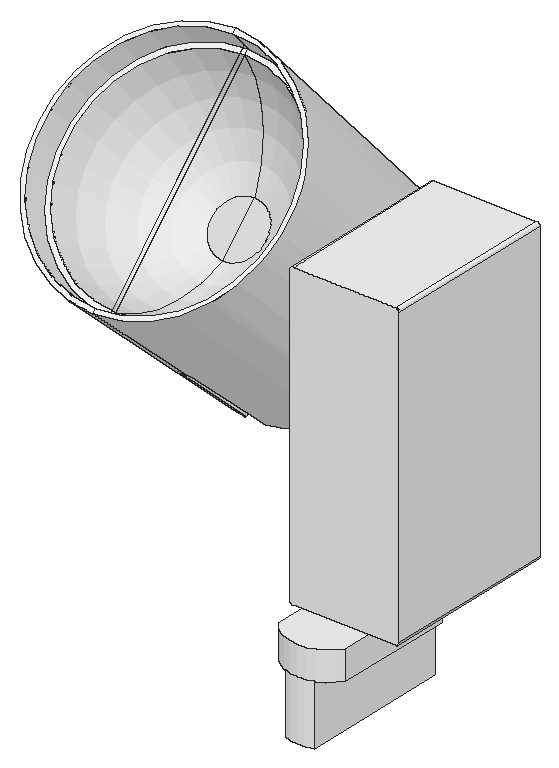
Revit family "0004878 Feilo Sylvania Lighting Fixture START TRACK SPOT L 35W 4K RA90 MB WHITE", category Lighting Fixtures, host Face, Revit 2017 (continued)
Definition of nested family "Start Track Spot Head"
  Types (96, lengths in mm): name | Wattage | built-in parameter 1150134 | Photometric Web File | Model | built-in parameter 1150105 | Lumens | built-in parameter 1150107 | built-in parameter 1150106 | HeadThickness_FEILO | HeadRibOffset_FEILO | HeadRibDepth_FEILO | HeadRibCutWidth_FEILO | HeadRibCutOffset_FEILO | HeadReflectorRadius_FEILO | HeadReflectorOffset_FEILO | HeadLEDRadius_FEILO | HeadHeight_FEILO | HeadDiffusorOffset_FEILO | HeadDiaOut_FEILO | HeadDiaIn_FEILO | HeadAxisFromTop_FEILO | Emit from Circle Diameter | built-in parameter 1150104 | Description | Apparent Load
    0004812 START TRACK SPOT S 14W 3K RA80 MB WHITE | 14 W | (empty or 0) | "0004812.ies" | "START TRACK SPOT S 14W 3K RA80 MB WHITE" | 120.32 (stored number, unit not read) | 1512 lm | 3000 (stored number, unit not read) | 1.2032 (stored number, unit not read) | 1.5 | 4.179 | 55.714 | 7.167 | 50.87 | 50.588 | 55.714 | 9.556 | 117 | 9.435 | 86 | 77.477 | 69.354 | 77.477 | 10.034 (stored number, unit not read) | "Integrated LED spotlight, Textured White - RAL9016, compact and minimalist design, ideal for retail applications, die-cast aluminium body, passive cooling heatsink. Beam angle: 36°, color temperature: 3000K , total system power: 14W, total fixture output: 1508 lm, LOR: 100%, colour rendering: Ra: 80 typical, LED Chromaticity: 3 step MacAdam ellipse, lifetime: >50000 hours at L70B50, energy class: A++, A+, A, IR/UV free light source without heat radiation, operating voltage: 220-240V / 50-60Hz, drive current: 350mA, electronic driver, non-dimmable, power factor: 0.92, electrical protection: Class II, Global Track 3 Phase adapter suitable for Global trac 3-circuit tracks, ingress protection rating: IP20, suitable for internal environment only, horizontal rotation: 355°, vertical tilt: 90°, dimensions: Ø86x140x200, weight: 0.940kg." | 14 VA
    0004811 START TRACK SPOT S 14W 3K RA80 NB WHITE | 14 W | (empty or 0) | "0004811.ies" | "START TRACK SPOT S 14W 3K RA80 NB WHITE" | 123.66 (stored number, unit not read) | 1554 lm | 3000 (stored number, unit not read) | 1.2366 (stored number, unit not read) | 1.5 | 4.179 | 55.714 | 7.167 | 50.87 | 50.588 | 55.714 | 9.556 | 117 | 9.435 | 86 | 77.477 | 69.354 | 77.477 | 10.312 (stored number, unit not read) | "Integrated LED spotlight, Textured White - RAL9016, compact and minimalist design, ideal for retail applications, die-cast aluminium body, passive cooling heatsink. Beam angle: 12°, color temperature: 3000K , total system power: 14W, total fixture output: 1551 lm, LOR: 100%, colour rendering: Ra: 80 typical, LED Chromaticity: 3 step MacAdam ellipse, lifetime: >50000 hours at L70B50, energy class: A++, A+, A, IR/UV free light source without heat radiation, operating voltage: 220-240V / 50-60Hz, drive current: 350mA, electronic driver, non-dimmable, power factor: 0.92, electrical protection: Class II, Global Track 3 Phase adapter suitable for Global trac 3-circuit tracks, ingress protection rating: IP20, suitable for internal environment only, horizontal rotation: 355°, vertical tilt: 90°, dimensions: Ø86x140x200, weight: 0.940kg." | 14 VA
  Reference planes
    plane 1 "Center (Front/Back)": y = 0
    plane 2: z = 0
    plane 3 "Center (Left/Right)": x = 0
    plane 4: x = 43
    plane 5: x = -43
    plane 6: x = -38.739
    plane 7: x = 38.739
    plane 8: z = 69.354
    plane 9: z = -47.646
    plane 10: x = -41.5
    plane 11: x = -37.239
    plane 12: z = -38.211
    plane 13: z = -35.211
    plane 14: z = 8.068
    plane 15: x = -9.556
    plane 16: x = -28.667
    plane 17: x = -19.111
    plane 18: x = -27.167
    plane 19: x = -17.611
    plane 20: x = -8.056
    plane 21: z = 13.64
    plane 22: x = -29.667
    plane 23: x = -26.167
    plane 24: x = -20.111
    plane 25: x = -16.611
    plane 26: x = -10.556
    plane 27: x = -7.056
    plane 28: x = -36.239
    plane 29: x = -40.5
    plane 30: z = 65.175
    plane 31: z = 60.997
    plane 32: z = 56.818
    plane 33: z = 18.484
    plane 34: y = -43
    plane 35: y = 43
    plane 36: y = 3.583
    plane 37: y = -3.583
    plane 38: y = -2.583
    plane 39: y = 2.583
    plane 40: y = 46
    plane 41: z = 13.5
    plane 42: z = -13.5
    plane 43: y = 39
    plane 44: x = 4.708
    plane 45: x = -2.458
    plane 46: x = -1.458
    plane 47: x = 1.458
  Forms (mm)
    Extrusion 1, solid
      sketch origin (4.2, 0, 0) x (1, 0, 0) y (0, 1, 0)
        loop
          line (-1219.2, 1219.2) -> (-1219.2, -1219.2) -> (1219.2, -1219.2) -> (1219.2, 1219.2) -> (-1219.2, 1219.2)
      from 0 to -68.017
    Revolve 2, solid, material <- "Material_1_FEILO", detail levels medium+fine
      sketch origin (0, 0, 0) x (1, 0, 0) y (0, 0, 1)
        loop
          line (-43, -47.646) -> (-41.5, -47.646) -> (-40.5, -35.211) -> (-38.739, -35.211)
          arc (-38.739, -35.211) -> (-30.16, -9.517) -> (-9.556, 8.068) r 50.588
          line (-9.556, 8.068) -> (0, 8.068) -> (0, 13.64) -> (-16.611, 13.64) -> (-17.611, 60.997) -> (-19.111, 60.997) -> (-20.111, 13.64) -> (-36.239, 13.64) -> (-37.239, 69.354) -> (-38.739, 69.354) -> (-43, -47.646)
        axis (0, 69.354) -> (0, -47.646)
      angle from 360 to 0
    Extrusion 3, void
      sketch origin (0, 0, 0) x (0, 1, 0) y (0, 0, 1)
        loop
          line (-3.583, 69.354) -> (-2.583, 18.484) -> (1.932, 18.484) -> (2.932, 69.354) -> (-3.583, 69.354)
      from 43 to -43
    Revolve 4, solid, material <- "Material_2_FEILO", detail levels medium+fine
      sketch origin (0, 0, 0) x (1, 0, 0) y (0, 0, 1)
        loop
          line (-41.5, -38.211) -> (0, -38.211) -> (0, -35.211) -> (-41.5, -35.211) -> (-41.5, -38.211)
        axis (0, -35.211) -> (0, -38.211)
      angle from 360 to 0
    Revolve 5, solid, material <- "Material_1_FEILO"
      sketch origin (0, 0, 0) x (0, 1, 0) y (0, 0, 1)
        loop
          line (46, 0) -> (39, 0) -> (39, -13.5) -> (46, -13.5) -> (46, 0)
        axis (39, 0) -> (46, 0)
      angle from 360 to 0
    Revolve 6, solid, material <- "Material_1_FEILO", detail levels medium+fine
      sketch origin (0, 0, 0) x (1, 0, 0) y (0, 0, 1)
        loop
          line (-29.667, 13.64) -> (-26.167, 13.64) -> (-27.167, 65.175) -> (-28.667, 65.175) -> (-29.667, 13.64)
        loop
          line (-10.556, 13.64) -> (-7.056, 13.64) -> (-7.833, 56.818) -> (-9.778, 56.818) -> (-10.556, 13.64)
        axis (0, 65.175) -> (0, 13.64)
      angle from 360 to 0
    Extrusion 7, void
      sketch origin (0, 0, 0) x (1, 0, 0) y (0, 0, 1)
        loop
          line (4.708, 69.354) -> (-2.458, 69.354) -> (-1.458, 13.64) -> (1.458, 13.64) -> (4.708, 69.354)
      from -43 to 43
    Revolve 8, solid, material <- "Material_1_FEILO", detail levels coarse
      sketch origin (0, 0, 0) x (1, 0, 0) y (0, 0, 1)
        loop
          line (0, 69.354) -> (-38.739, 69.354) -> (-43, -47.646) -> (-41.5, -47.646) -> (-40.731, -38.211) -> (0, -38.211) -> (0, 69.354)
        axis (0, 69.354) -> (0, -47.646)
      angle from 360 to 0
  Cuts and joins
    Extrusion 3 cuts Revolve 2
    Extrusion 7 cuts Revolve 6
  Dimensions and locks
    equal spacing: plane 7, plane 3 "Center (Left/Right)", plane 6
    equal spacing: plane 4, plane 3 "Center (Left/Right)", plane 5
    "HeadDiaOut_FEILO": plane 4 to plane 5
    "HeadDiaIn_FEILO": plane 7 to plane 6
    "HeadHeight_FEILO": plane 8 to plane 9
    "HeadThickness_FEILO": plane 10 to plane 5
    "HeadThickness_FEILO": plane 11 to plane 6
    "HeadDiffusorOffset_FEILO": plane 12 to plane 9
    "HeadDiffusorThickness_FEILO": plane 13 to plane 12
    "HeadReflectorOffset_FEILO": plane 14 to plane 9
    "HeadLEDRadius_FEILO": plane 3 "Center (Left/Right)" to plane 15
    "HeadLEDRadius_FEILO": plane 15 to plane 17
    "HeadLEDRadius_FEILO": plane 17 to plane 16
    "HeadThickness_FEILO": plane 18 to plane 16
    "HeadThickness_FEILO": plane 19 to plane 17
    "HeadThickness_FEILO": plane 20 to plane 15
    "HeadRibDepth_FEILO": plane 8 to plane 21
    "HeadDraft_FEILO": plane 16 to plane 22
    "HeadDraft_FEILO": plane 23 to plane 18
    "HeadDraft_FEILO": plane 17 to plane 24
    "HeadDraft_FEILO": plane 25 to plane 19
    "HeadDraft_FEILO": plane 15 to plane 26
    "HeadDraft_FEILO": plane 27 to plane 20
    "HeadDraft_FEILO": plane 29 to plane 10
    "HeadDraft_FEILO": plane 28 to plane 11
    "HeadRibOffset_FEILO": plane 8 to plane 30
    "HeadRibOffset_FEILO": plane 30 to plane 31
    "HeadRibOffset_FEILO": plane 31 to plane 32
    "HeadAxisFromTop_FEILO": plane 8 to plane 2
    "HeadRibCutOffset_FEILO": plane 8 to plane 33
    equal spacing: plane 34, plane 1 "Center (Front/Back)", plane 35
    "HeadDiaOut_FEILO": plane 34 to plane 35
    equal spacing: plane 38, plane 1 "Center (Front/Back)", plane 39
    equal spacing: plane 37, plane 1 "Center (Front/Back)", plane 36
    "HeadRibCutWidth_FEILO": plane 37 to plane 36
    "HeadDraft_FEILO": plane 37 to plane 38
    locked: plane 35 to plane 40 at 3
    equal spacing: plane 41, plane 2, plane 42
    locked: plane 42 to plane 41 at 27
    locked: plane 43 to plane 35 at 4
    equal spacing: plane 45, imposter light, plane 44
    "HeadDraft_FEILO": plane 46 to plane 45
    "HeadRibCutWidth_FEILO": plane 44 to plane 45
    equal spacing: plane 47, plane 3 "Center (Left/Right)", plane 46
    "HeadReflectorRadius_FEILO": radius of Revolve 2 sketch curve
    aligned and locked: plane 2 to Extrusion 1
    aligned and locked: level to Extrusion 1
    aligned and locked: Revolve 2 sketch curve to plane 3 "Center (Left/Right)"  (x2)
    aligned and locked: plane 9 to Revolve 2 sketch curve  (x2)
    aligned and locked: plane 5 to Revolve 2 sketch curve
    aligned and locked: plane 10 to Revolve 2 sketch curve
    aligned and locked: plane 14 to Revolve 2 sketch curve
    aligned and locked: plane 8 to Revolve 2 sketch curve
    aligned and locked: Revolve 2 sketch curve to plane 13
    aligned and locked: plane 12 to Revolve 4 sketch curve
    aligned and locked: plane 3 "Center (Left/Right)" to Revolve 4 sketch curve
    aligned and locked: Revolve 4 sketch curve to plane 10
    aligned and locked: Revolve 4 sketch curve to plane 3 "Center (Left/Right)"
    aligned and locked: plane 12 to imposter light
    aligned and locked: imposter light to plane 1 "Center (Front/Back)"
    aligned and locked: Revolve 5 sketch curve to plane 2
    aligned and locked: plane 43 to Revolve 5 sketch curve
    aligned and locked: plane 42 to Revolve 5 sketch curve
    aligned and locked: Revolve 6 sketch curve to plane 3 "Center (Left/Right)"
    aligned and locked: plane 22 to Revolve 6 sketch curve
    aligned and locked: plane 30 to Revolve 6 sketch curve
    aligned and locked: plane 23 to Revolve 6 sketch curve
    aligned and locked: Revolve 6 sketch curve to plane 21  (x2)
    aligned and locked: plane 21 to Revolve 6 sketch curve
    aligned and locked: plane 17 to Revolve 2 sketch curve
    aligned and locked: plane 19 to Revolve 2 sketch curve
    aligned and locked: plane 31 to Revolve 2 sketch curve
    aligned and locked: plane 21 to Revolve 2 sketch curve
    aligned and locked: Extrusion 3 to plane 8
    aligned and locked: plane 33 to Extrusion 3
    aligned and locked: plane 8 to Extrusion 3 sketch curve
    aligned and locked: Extrusion 3 sketch curve to plane 33
    aligned and locked: Extrusion 3 to plane 5
    aligned and locked: plane 4 to Extrusion 3
    aligned and locked: plane 32 to Revolve 6 sketch curve
    aligned and locked: plane 44 to Extrusion 7 sketch curve
    aligned and locked: Extrusion 7 sketch curve to plane 8
    aligned and locked: plane 46 to Extrusion 7 sketch curve
    aligned and locked: plane 21 to Extrusion 7 sketch curve
    aligned and locked: plane 34 to Extrusion 7
    aligned and locked: Extrusion 7 to plane 35
    aligned and locked: Revolve 4 sketch curve to plane 13
    aligned and locked: Revolve 5 sketch curve to plane 40
    aligned and locked: Revolve 8 sketch curve to plane 3 "Center (Left/Right)"
    aligned and locked: Revolve 8 sketch curve to cut or joined group of Revolve 2, Extrusion 3  (x3)
    aligned and locked: plane 5 to Revolve 8 sketch curve
    aligned and locked: plane 3 "Center (Left/Right)" to Revolve 8 sketch curve
    aligned and locked: plane 12 to Revolve 8 sketch curve
  Automatic sketch dimensions
    Extrusion 1 sketch curve to Extrusion 1 sketch curve = 2438.4 mm  (x2)
    Extrusion 3 sketch curve to plane 37 = 0 mm
    Extrusion 3 sketch curve to plane 38 = 0 mm
    plane 39 to Extrusion 3 sketch curve = 0.651 mm
    Extrusion 3 sketch curve to plane 39 = 0.349 mm
    Revolve 6 sketch curve to plane 16 = 0 mm
    Revolve 6 sketch curve to plane 18 = 0 mm
    Revolve 6 sketch curve to plane 26 = 0 mm
    Revolve 6 sketch curve to plane 27 = 0 mm
    Revolve 6 sketch curve to plane 15 = 0.222 mm
    plane 9 to Revolve 6 sketch curve = 559.103 mm
    Revolve 6 sketch curve to plane 8 = 2535.555 mm
    plane 20 to Revolve 6 sketch curve = 0.222 mm
    Revolve 2 sketch curve to plane 29 = 0 mm
    Revolve 2 sketch curve to plane 6 = 0 mm  (x2)
    Revolve 2 sketch curve to plane 11 = 0 mm
    Revolve 2 sketch curve to plane 21 = 0 mm
    Revolve 2 sketch curve to plane 28 = 0 mm
    Revolve 2 sketch curve to plane 24 = 0 mm
    Revolve 2 sketch curve to plane 25 = 0 mm
    Revolve 2 sketch curve to plane 15 = 0 mm
    Revolve 2 sketch curve to Revolve 2 sketch curve = 557.155 mm
    Revolve 2 sketch curve to plane 8 = 2535.558 mm
    Extrusion 7 sketch curve to plane 45 = 0 mm
    Extrusion 7 sketch curve to plane 47 = 0 mm
    plane 9 to Revolve 4 sketch curve = 559.103 mm
    Revolve 4 sketch curve to plane 8 = 2535.555 mm
    Revolve 5 sketch curve to level = 0 mm
    plane 34 to Revolve 5 sketch curve = 1968.092 mm
    Revolve 5 sketch curve to plane 40 = 1405.763 mm
    Revolve 8 sketch curve to plane 6 = 0 mm
    Revolve 8 sketch curve to plane 29 = 0.231 mm
    plane 9 to Revolve 8 sketch curve = 559.103 mm
    Revolve 8 sketch curve to Revolve 8 sketch curve = 2535.555 mm
Definition of nested family "Start Track Spot Box"
  Parameters (values of type "Type Large White")
    URL = "http://www.feilosylvania.com"
    Type Image = (empty or 0)
    Type Comments = "n/a"
    Small_FEILO = no
    Material_3_FEILO = none
    Model = ""
    Manufacturer = "Feilo Sylvania"
    Keynote = ""
    Material_2_FEILO = none
    Description = ""
    Default Elevation = 1219.2 mm
    Cost = 0
    Material_1_FEILO = none
    BoxWidth_FEILO = 49 mm
    BoxStartAngle_FEILO [instance] = 0.00°
    BoxRadius_FEILO = 1.5 mm
    BoxHeight_FEILO = if(Small_FEILO, 112 mm, 136 mm)  # 136 mm
    BoxEndAngle_FEILO [instance] = BoxStartAngle_FEILO - 180.00°  # -180.00°
    BoxDepth_FEILO = if(Small_FEILO, 71.5 mm, 79 mm)  # 79 mm
    BoxAxisVerticalOffset_FEILO = 16 mm
    BoxAxisOffset_FEILO = BoxHeight_FEILO / 6.8  # 20 mm
    Assembly Code = ""
    Material_4_FEILO = none
  Types (4, lengths in mm): name | Small_FEILO | BoxHeight_FEILO | BoxDepth_FEILO | BoxAxisOffset_FEILO
    Type Large White | no | 136 | 79 | 20
    Type Small White | yes | 112 | 71.5 | 16.471
    Type Small Black | yes | 112 | 71.5 | 16.471
    Type Large Black | no | 136 | 79 | 20
  Reference planes
    plane 1 "Center (Front/Back)": y = 0
    plane 2: z = 0
    plane 3 "Center (Left/Right)": x = 0
    plane 4: x = 24.5
    plane 5: x = -24.5
    plane 6: y = 68
    plane 7: y = -68
    plane 8: z = 39.5
    plane 9: z = -39.5
    plane 10: y = -48
    plane 11: x = 30.5
    plane 12: x = 8.5
    plane 13: x = 21.5
    plane 14: y = 70
    plane 15: y = 72
    plane 16: x = 19.5
  Forms (mm)
    Extrusion 1, solid
      sketch origin (4.2, 0, 0) x (1, 0, 0) y (0, 1, 0)
        loop
          line (-1219.2, 1219.2) -> (-1219.2, -1219.2) -> (1219.2, -1219.2) -> (1219.2, 1219.2) -> (-1219.2, 1219.2)
      from 0 to -68.017
    Extrusion 2, solid, material <- "Material_1_FEILO"
      sketch origin (0, 0, 0) x (1, 0, 0) y (0, 1, 0)
        loop
          arc (-23, 68) -> (-24.061, 67.561) -> (-24.5, 66.5) r 1.5
          line (-24.5, 66.5) -> (-24.5, -66.5)
          arc (-24.5, -66.5) -> (-24.061, -67.561) -> (-23, -68) r 1.5
          line (-23, -68) -> (23, -68)
          arc (23, -68) -> (24.061, -67.561) -> (24.5, -66.5) r 1.5
          line (24.5, -66.5) -> (24.5, 66.5)
          arc (24.5, 66.5) -> (24.061, 67.561) -> (23, 68) r 1.5
          line (23, 68) -> (-23, 68)
      from -39.5 to 39.5
    Revolve 3, solid, not visible
      sketch origin (0, 0, 0) x (1, 0, 0) y (0, 1, 0)
        loop
          line (30.5, -48) -> (24.5, -48) -> (24.5, -68) -> (30.5, -68) -> (30.5, -48)
        axis (30.5, -48) -> (24.5, -48)
      angle from 0 <- "BoxStartAngle_FEILO" to -180 <- "BoxEndAngle_FEILO"
    Revolve 4, solid, material <- "Material_2_FEILO"
      sketch origin (0, 0, 0) x (1, 0, 0) y (0, 1, 0)
        loop
          line (8.5, 68) -> (19.5, 68) -> (19.5, 70) -> (21.5, 70) -> (21.5, 72) -> (8.5, 72) -> (8.5, 68)
        axis (8.5, 72) -> (8.5, 68)
      angle from 360 to 0
  Dimensions and locks
    equal spacing: plane 5, plane 3 "Center (Left/Right)", plane 4
    "BoxWidth_FEILO": plane 5 to plane 4
    equal spacing: plane 7, plane 1 "Center (Front/Back)", plane 6
    "BoxHeight_FEILO": plane 7 to plane 6
    equal spacing: plane 8, plane 2, plane 9
    "BoxDepth_FEILO": plane 8 to plane 9
    "BoxAxisOffset_FEILO": plane 7 to plane 10
    locked: plane 4 to plane 11 at 6
    "BoxAxisVerticalOffset_FEILO": plane 12 to plane 4
    locked: plane 12 to plane 13 at 13
    plane 6 to plane 14 to plane 15 = 2 mm locked, 2 mm locked
    locked: plane 12 to plane 16 at 11
    "BoxRadius_FEILO": radius of Extrusion 2 sketch curve  (x4)
    aligned and locked: plane 2 to Extrusion 1
    aligned and locked: level to Extrusion 1
    aligned and locked: plane 6 to Extrusion 2 sketch curve
    aligned and locked: plane 5 to Extrusion 2 sketch curve
    aligned and locked: Extrusion 2 sketch curve to plane 7
    aligned and locked: Extrusion 2 sketch curve to plane 4
    aligned and locked: Extrusion 2 to plane 8
    aligned and locked: plane 9 to Extrusion 2
    aligned and locked: Revolve 3 sketch curve to plane 10  (x2)
    aligned and locked: plane 11 to Revolve 3 sketch curve
    aligned and locked: Revolve 3 sketch curve to plane 4
    aligned and locked: plane 7 to Revolve 3 sketch curve
    aligned and locked: Revolve 4 sketch curve to plane 12
    aligned and locked: plane 6 to Revolve 4 sketch curve
    aligned and locked: plane 12 to Revolve 4 sketch curve
    aligned and locked: plane 15 to Revolve 4 sketch curve
    aligned and locked: Revolve 4 sketch curve to plane 13
    aligned and locked: Revolve 4 sketch curve to plane 14
    aligned and locked: Revolve 4 sketch curve to plane 16
    aligned and locked: Revolve 4 sketch curve to plane 6
  Automatic sketch dimensions
    Extrusion 1 sketch curve to Extrusion 1 sketch curve = 2438.4 mm  (x2)
    Revolve 3 sketch curve to plane 5 = 1499.5 mm
    plane 11 to Revolve 3 sketch curve = 1493.5 mm
    plane 15 to Revolve 4 sketch curve = 0 mm
    plane 7 to Revolve 4 sketch curve = 1456 mm
    Revolve 4 sketch curve to plane 15 = 1452 mm
